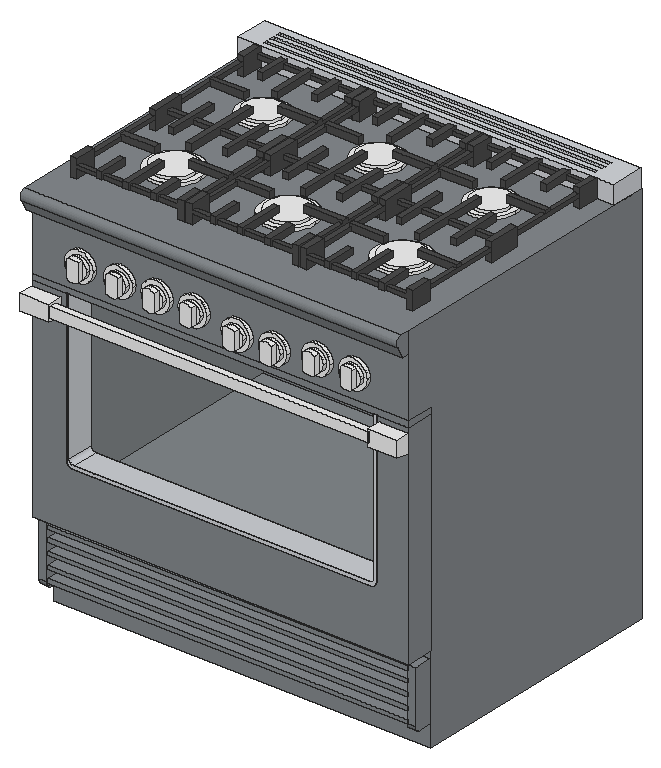
Revit family "DCS_SDA_Data_Sheet_RDV2-366_Range_ISSUE1 IMPERIAL", category Specialty Equipment, Revit 2015
Parameters
  URL = "www.yepsketch.com"
  Model = "DCS_SDA_Data_Sheet_RDV2-366_Range_ISSUE1"
  Manufacturer = "Fisher & Paykel"
  Description = "D20 20000"
  Author = "Yepsketch"
Reference planes (in)
  plane 1 "Center (Front/Back)": y = 0
  plane 2: z = 0
  plane 3 "Center (Left/Right)": x = 0
  plane 4: x = 35.875
  plane 5: y = 29.125
  plane 6: z = 36.75
  plane 7: z = 38.5
  plane 8: y = 1.4375
  plane 9: y = 4
Forms (in)
  Extrusion 1, solid, material "GRAY"
    sketch origin (0, 0, 0) x (1, 0, 0) y (0, 1, 0)
      loop
        line (0, 29.125) -> (0, 1.4375) -> (35.875, 1.4375) -> (35.875, 29.125) -> (0, 29.125)
    from 0 to 36.75
  Extrusion 2, solid
    sketch origin (0, 0, 0) x (1, 0, 0) y (0, 1, 0)
      loop
        line (0, 29.125) -> (0, 25.87294) -> (35.84315, 25.87294) -> (35.84315, 29.125) -> (0, 29.125)
      loop
        line (2.03748, 28.36534) -> (2.03748, 27.97289) -> (33.66746, 27.97289) -> (33.66746, 28.36534) -> (2.03748, 28.36534)
      loop
        line (2.03748, 27.61534) -> (2.03748, 27.22289) -> (33.66746, 27.22289) -> (33.66746, 27.61534) -> (2.03748, 27.61534)
      loop
        line (2.03748, 26.86534) -> (2.03748, 26.47289) -> (33.66746, 26.47289) -> (33.66746, 26.86534) -> (2.03748, 26.86534)
    from 36.75 to 38.5
  Extrusion 3, void
    sketch origin (0, 0, 0) x (0, 1, 0) y (0, 0, 1)
      loop
        line (4, 29.03722) -> (1.4375, 29.03722) -> (1.4375, 0) -> (4, 0) -> (4, 29.03722)
    from 0 to 35.875
  Extrusion 4, solid, material "GRAY"
    sketch origin (0, 0, 0) x (0, 1, 0) y (0, 0, 1)
      loop
        line (1.4375, 36.75) -> (0.57196, 36.75)
        arc (0.57196, 36.75) -> (0.07196, 36.43146) -> (0.14935, 35.84369) r 0.55169
        line (0.14935, 35.84369) -> (0.77435, 34.76116) -> (1.4375, 34.76116) -> (1.4375, 36.75)
    from 0 to 35.84315
  Extrusion 5, solid, material "GRAY"
    sketch origin (0, 0, 0) x (1, 0, 0) y (0, 0, 1)
      loop
        line (35.875, 8.2827) -> (35.875, 28.51116) -> (32.81066, 28.51116) -> (32.81066, 14.26116)
        arc (32.81066, 14.26116) -> (32.65533, 13.88616) -> (32.28033, 13.73083) r 0.53033
        line (32.28033, 13.73083) -> (3.78033, 13.73083)
        arc (3.78033, 13.73083) -> (3.40533, 13.88616) -> (3.25, 14.26116) r 0.53033
        line (3.25, 14.26116) -> (3.25, 28.51116) -> (0, 28.51116) -> (0, 8.2827) -> (35.875, 8.2827)
    from -4 to -1.4375
  Extrusion 6, solid, material "GRAY"
    sketch origin (0, 0, 0) x (1, 0, 0) y (0, 0, 1)
      loop
        line (0, 28.51116) -> (35.875, 28.51116) -> (35.875, 29.03722) -> (0, 29.03722) -> (0, 28.51116)
    from -4 to -1.4375
  Extrusion 7, void
    sketch origin (0, 0, 0) x (1, 0, 0) y (0, 0, 1)
      loop
        line (0.37154, 28.30471) -> (0.37154, 8.80471) -> (35.37154, 8.80471) -> (35.37154, 28.30471) -> (0.37154, 28.30471)
    from -28.48158 to 12
  Extrusion 8, solid
    sketch origin (0, 0, 0) x (1, 0, 0) y (0, 0, 1)
      loop
        arc (3.25, 14.26116) -> (3.40533, 13.88616) -> (3.78033, 13.73083) r 0.53033
        line (3.78033, 13.73083) -> (32.28033, 13.73083)
        arc (32.28033, 13.73083) -> (32.65533, 13.88616) -> (32.81066, 14.26116) r 0.53033
        line (32.81066, 14.26116) -> (32.81066, 28.51116) -> (32.56066, 28.51116) -> (32.56066, 14.38989)
        arc (32.56066, 14.38989) -> (32.45711, 14.13989) -> (32.20711, 14.03634) r 0.35355
        line (32.20711, 14.03634) -> (3.95711, 14.03634)
        arc (3.95711, 14.03634) -> (3.64197, 14.16687) -> (3.51143, 14.48201) r 0.44568
        line (3.51143, 14.48201) -> (3.51143, 28.51116) -> (3.25, 28.51116) -> (3.25, 14.26116)
    from -4 to -1.4375
  Extrusion 9, solid, material "GLASS BLACK"
    sketch origin (0, 0, 0) x (1, 0, 0) y (0, 0, 1)
      loop
        arc (32.20711, 14.03634) -> (32.45711, 14.13989) -> (32.56066, 14.38989) r 0.35355
        line (32.56066, 14.38989) -> (32.56066, 28.51116) -> (3.51143, 28.51116) -> (3.51143, 14.48201)
        arc (3.51143, 14.48201) -> (3.64197, 14.16687) -> (3.95711, 14.03634) r 0.44568
        line (3.95711, 14.03634) -> (32.20711, 14.03634)
    from -4 to -1.4375
  Extrusion 10, solid, material "ALUMINIUM"
    sketch origin (0, 0, 0) x (0, 1, 0) y (0, 0, 1)
      loop
        line (1.4375, 28.01116) -> (0, 28.01116) -> (0, 26.51116) -> (1.4375, 26.25769) -> (1.4375, 28.01116)
    from 0 to 2.75
  Extrusion 11, solid, material "ALUMINIUM"
    sketch origin (0, 0, 0) x (1, 0, 0) y (0, 0, 1)
      loop
        line (2.75, 27.86646) -> (2.75, 26.86646) -> (33.25, 26.86646) -> (33.25, 27.86646) -> (2.75, 27.86646)
    from -0.62806 to 0
  Extrusion 12, solid, material "ALUMINIUM"
    sketch origin (35.84315, 0, 0) x (0, 1, 0) y (0, 0, -1)
      loop
        line (1.4375, -28.01116) -> (1.4375, -26.25769) -> (0, -26.51116) -> (0, -28.01116) -> (1.4375, -28.01116)
    from 0 to 2.75
  Extrusion 13, solid, material "BLACK"
    sketch origin (0, 0, 0) x (1, 0, 0) y (0, 1, 0)
      loop
        line (1.61367, 25.87294) -> (1.61367, 23.87294) -> (2.20997, 23.87294) -> (2.20997, 25.87294) -> (1.61367, 25.87294)
      loop
        line (1.61367, 16.37294) -> (1.61367, 13.37294) -> (2.20997, 13.37294) -> (2.20997, 16.37294) -> (1.61367, 16.37294)
      loop
        line (1.61367, 5.98289) -> (1.61367, 3.98289) -> (2.20997, 3.98289) -> (2.20997, 5.98289) -> (1.61367, 5.98289)
      loop
        line (11.86367, 25.87294) -> (11.86367, 23.87294) -> (12.45997, 23.87294) -> (12.45997, 25.87294) -> (11.86367, 25.87294)
      loop
        line (11.86367, 16.37294) -> (11.86367, 13.37294) -> (12.45997, 13.37294) -> (12.45997, 16.37294) -> (11.86367, 16.37294)
      loop
        line (11.86367, 5.98289) -> (11.86367, 3.98289) -> (12.45997, 3.98289) -> (12.45997, 5.98289) -> (11.86367, 5.98289)
      loop
        line (12.61367, 25.87294) -> (12.61367, 23.87294) -> (13.20997, 23.87294) -> (13.20997, 25.87294) -> (12.61367, 25.87294)
      loop
        line (12.61367, 16.37294) -> (12.61367, 13.37294) -> (13.20997, 13.37294) -> (13.20997, 16.37294) -> (12.61367, 16.37294)
      loop
        line (12.61367, 5.98289) -> (12.61367, 3.98289) -> (13.20997, 3.98289) -> (13.20997, 5.98289) -> (12.61367, 5.98289)
      loop
        line (22.77874, 25.87294) -> (22.77874, 23.87294) -> (23.37503, 23.87294) -> (23.37503, 25.87294) -> (22.77874, 25.87294)
      loop
        line (22.77874, 16.37294) -> (22.77874, 13.37294) -> (23.37503, 13.37294) -> (23.37503, 16.37294) -> (22.77874, 16.37294)
      loop
        line (22.77874, 5.98289) -> (22.77874, 3.98289) -> (23.37503, 3.98289) -> (23.37503, 5.98289) -> (22.77874, 5.98289)
      loop
        line (23.52874, 25.87294) -> (23.52874, 23.87294) -> (24.12503, 23.87294) -> (24.12503, 25.87294) -> (23.52874, 25.87294)
      loop
        line (23.52874, 16.37294) -> (23.52874, 13.37294) -> (24.12503, 13.37294) -> (24.12503, 16.37294) -> (23.52874, 16.37294)
      loop
        line (23.52874, 5.98289) -> (23.52874, 3.98289) -> (24.12503, 3.98289) -> (24.12503, 5.98289) -> (23.52874, 5.98289)
      loop
        line (33.62641, 25.87294) -> (33.62641, 23.87294) -> (34.2227, 23.87294) -> (34.2227, 25.87294) -> (33.62641, 25.87294)
      loop
        line (33.62641, 16.37294) -> (33.62641, 13.37294) -> (34.2227, 13.37294) -> (34.2227, 16.37294) -> (33.62641, 16.37294)
      loop
        line (33.62641, 5.98289) -> (33.62641, 3.98289) -> (34.2227, 3.98289) -> (34.2227, 5.98289) -> (33.62641, 5.98289)
    from 36.75 to 38.5
  Extrusion 14, solid, material "GRAY"
    sketch origin (0, 0, 0) x (0, 1, 0) y (0, 0, 1)
      loop
        line (4, 7.65999) -> (2.25, 7.65999) -> (2.25, 2.6113)
        arc (2.25, 2.6113) -> (2.4463, 2.18181) -> (2.89952, 2.04919) r 0.568
        line (2.89952, 2.04919) -> (4, 2.04919) -> (4, 7.65999)
    from 0 to 0.75
  Extrusion 15, solid, material "GRAY"
    sketch origin (35.09315, 0, 0) x (0, 1, 0) y (0, 0, 1)
      loop
        line (4, 7.65999) -> (2.25, 7.65999) -> (2.25, 2.6113)
        arc (2.25, 2.6113) -> (2.4463, 2.18181) -> (2.89952, 2.04919) r 0.568
        line (2.89952, 2.04919) -> (4, 2.04919) -> (4, 7.65999)
    from 0 to 0.75
  Extrusion 16, solid, material "GRAY"
    sketch origin (0, 0, 0) x (1, 0, 0) y (0, 0, 1)
      loop
        line (0.75, 7.518) -> (0.75, 7.14909) -> (35.09315, 7.14909) -> (35.09315, 7.518) -> (0.75, 7.518)
      loop
        line (0.75, 6.44293) -> (0.75, 6.07402) -> (35.09315, 6.07402) -> (35.09315, 6.44293) -> (0.75, 6.44293)
      loop
        line (0.75, 5.2793) -> (0.75, 4.91039) -> (35.09315, 4.91039) -> (35.09315, 5.2793) -> (0.75, 5.2793)
      loop
        line (0.75, 4.09951) -> (0.75, 3.7306) -> (35.09315, 3.7306) -> (35.09315, 4.09951) -> (0.75, 4.09951)
      loop
        line (0.75, 2.96012) -> (0.75, 2.59121) -> (35.09315, 2.59121) -> (35.09315, 2.96012) -> (0.75, 2.96012)
    from -4 to -2.25
  Extrusion 17, solid, material "BLACK"
    sketch origin (0.0625, 0, 0) x (1, 0, 0) y (0, 0, 1)
      loop
        line (1.61367, 38.0032) -> (1.61367, 37.625) -> (2.03748, 37.625) -> (2.03748, 38.0032) -> (1.61367, 38.0032)
      loop
        line (11.86367, 38.0032) -> (11.86367, 37.625) -> (12.28748, 37.625) -> (12.28748, 38.0032) -> (11.86367, 38.0032)
      loop
        line (12.61367, 38.0032) -> (12.61367, 37.625) -> (13.03748, 37.625) -> (13.03748, 38.0032) -> (12.61367, 38.0032)
      loop
        line (22.77874, 38.0032) -> (22.77874, 37.625) -> (23.20255, 37.625) -> (23.20255, 38.0032) -> (22.77874, 38.0032)
      loop
        line (23.52874, 38.0032) -> (23.52874, 37.625) -> (23.95255, 37.625) -> (23.95255, 38.0032) -> (23.52874, 38.0032)
      loop
        line (33.66746, 38.0032) -> (33.66746, 37.625) -> (34.09127, 37.625) -> (34.09127, 38.0032) -> (33.66746, 38.0032)
    from -23.87294 to -5.98289
  Extrusion 18, solid, material "BLACK"
    sketch origin (0, 0, 0) x (0, 1, 0) y (0, 0, 1)
      loop
        line (4.4055, 38.0032) -> (3.98289, 38.0032) -> (3.98289, 37.622) -> (4.4055, 37.622) -> (4.4055, 38.0032)
      loop
        line (25.87294, 38.0032) -> (25.45033, 38.0032) -> (25.45033, 37.622) -> (25.87294, 37.622) -> (25.87294, 38.0032)
      loop
        line (15.13922, 38.0032) -> (14.71661, 38.0032) -> (14.71661, 37.622) -> (15.13922, 37.622) -> (15.13922, 38.0032)
    from 2.03748 to 12.45997
  Extrusion 19, solid, material "BLACK"
    sketch origin (0, 0, 0) x (1, 0, 0) y (0, 1, 0)
      loop
        line (4.15275, 25.87294) -> (4.15275, 23.12294) -> (4.65275, 23.12294) -> (4.65275, 25.87294) -> (4.15275, 25.87294)
      loop
        line (6.71286, 25.87294) -> (6.71286, 21.62294) -> (7.21286, 21.62294) -> (7.21286, 25.87294) -> (6.71286, 25.87294)
      loop
        line (9.30079, 25.87294) -> (9.30079, 23.12294) -> (9.88517, 23.12294) -> (9.88517, 25.87294) -> (9.30079, 25.87294)
      loop
        line (4.15275, 3.87294) -> (4.65275, 3.87294) -> (4.65275, 6.62294) -> (4.15275, 6.62294) -> (4.15275, 3.87294)
      loop
        line (6.71286, 3.87294) -> (7.21286, 3.87294) -> (7.21286, 8.12294) -> (6.71286, 8.12294) -> (6.71286, 3.87294)
      loop
        line (9.30079, 3.87294) -> (9.88517, 3.87294) -> (9.88517, 6.62294) -> (9.30079, 6.62294) -> (9.30079, 3.87294)
    from 37.625 to 38.25
  Extrusion 20, solid, material "BLACK"
    sketch origin (0, 0, 0) x (1, 0, 0) y (0, 1, 0)
      loop
        line (2.09998, 20.48121) -> (2.09998, 19.98121) -> (5.34998, 19.98121) -> (5.34998, 20.48121) -> (2.09998, 20.48121)
      loop
        line (12.34998, 20.48121) -> (8.58719, 20.48121) -> (8.58719, 19.98121) -> (12.34998, 19.98121) -> (12.34998, 20.48121)
      loop
        line (2.09998, 9.37462) -> (5.34998, 9.37462) -> (5.34998, 9.87462) -> (2.09998, 9.87462) -> (2.09998, 9.37462)
      loop
        line (12.34998, 9.37462) -> (12.34998, 9.87462) -> (8.58719, 9.87462) -> (8.58719, 9.37462) -> (12.34998, 9.37462)
      loop
        line (6.71286, 18.62294) -> (6.71286, 11.37294) -> (7.21286, 11.37294) -> (7.21286, 18.62294) -> (6.71286, 18.62294)
      loop
        line (9.29264, 17.24261) -> (9.29264, 12.49261) -> (9.79264, 12.49261) -> (9.79264, 17.24261) -> (9.29264, 17.24261)
      loop
        line (4.63308, 17.24261) -> (4.13308, 17.24261) -> (4.13308, 12.49261) -> (4.63308, 12.49261) -> (4.63308, 17.24261)
    from 37.625 to 38.25
  Extrusion 21, solid, material "BLACK"
    sketch origin (11, 0, 0) x (0, 1, 0) y (0, 0, 1)
      loop
        line (4.4055, 38.0032) -> (3.98289, 38.0032) -> (3.98289, 37.622) -> (4.4055, 37.622) -> (4.4055, 38.0032)
      loop
        line (25.87294, 38.0032) -> (25.45033, 38.0032) -> (25.45033, 37.622) -> (25.87294, 37.622) -> (25.87294, 38.0032)
      loop
        line (15.13922, 38.0032) -> (14.71661, 38.0032) -> (14.71661, 37.622) -> (15.13922, 37.622) -> (15.13922, 38.0032)
    from 2.03748 to 12.37503
  Extrusion 22, solid, material "BLACK"
    sketch origin (21.91506, 0, 0) x (0, 1, 0) y (0, 0, 1)
      loop
        line (4.4055, 38.0032) -> (3.98289, 38.0032) -> (3.98289, 37.622) -> (4.4055, 37.622) -> (4.4055, 38.0032)
      loop
        line (25.87294, 38.0032) -> (25.45033, 38.0032) -> (25.45033, 37.622) -> (25.87294, 37.622) -> (25.87294, 38.0032)
      loop
        line (15.13922, 38.0032) -> (14.71661, 38.0032) -> (14.71661, 37.622) -> (15.13922, 37.622) -> (15.13922, 38.0032)
    from 2.03748 to 12.30764
  Extrusion 23, solid, material "BLACK"
    sketch origin (10.91506, 0, 0) x (1, 0, 0) y (0, 1, 0)
      loop
        line (4.15275, 25.87294) -> (4.15275, 23.12294) -> (4.65275, 23.12294) -> (4.65275, 25.87294) -> (4.15275, 25.87294)
      loop
        line (6.71286, 25.87294) -> (6.71286, 21.62294) -> (7.21286, 21.62294) -> (7.21286, 25.87294) -> (6.71286, 25.87294)
      loop
        line (9.30079, 25.87294) -> (9.30079, 23.12294) -> (9.88517, 23.12294) -> (9.88517, 25.87294) -> (9.30079, 25.87294)
      loop
        line (4.15275, 3.87294) -> (4.65275, 3.87294) -> (4.65275, 6.62294) -> (4.15275, 6.62294) -> (4.15275, 3.87294)
      loop
        line (6.71286, 3.87294) -> (7.21286, 3.87294) -> (7.21286, 8.12294) -> (6.71286, 8.12294) -> (6.71286, 3.87294)
      loop
        line (9.30079, 3.87294) -> (9.88517, 3.87294) -> (9.88517, 6.62294) -> (9.30079, 6.62294) -> (9.30079, 3.87294)
    from 37.625 to 38.25
  Extrusion 24, solid, material "BLACK"
    sketch origin (10.91506, 0, 0) x (1, 0, 0) y (0, 1, 0)
      loop
        line (2.09998, 20.48121) -> (2.09998, 19.98121) -> (5.34998, 19.98121) -> (5.34998, 20.48121) -> (2.09998, 20.48121)
      loop
        line (12.34998, 20.48121) -> (8.58719, 20.48121) -> (8.58719, 19.98121) -> (12.34998, 19.98121) -> (12.34998, 20.48121)
      loop
        line (2.09998, 9.37462) -> (5.34998, 9.37462) -> (5.34998, 9.87462) -> (2.09998, 9.87462) -> (2.09998, 9.37462)
      loop
        line (12.34998, 9.37462) -> (12.34998, 9.87462) -> (8.58719, 9.87462) -> (8.58719, 9.37462) -> (12.34998, 9.37462)
      loop
        line (6.71286, 18.62294) -> (6.71286, 11.37294) -> (7.21286, 11.37294) -> (7.21286, 18.62294) -> (6.71286, 18.62294)
      loop
        line (9.29264, 17.24261) -> (9.29264, 12.49261) -> (9.79264, 12.49261) -> (9.79264, 17.24261) -> (9.29264, 17.24261)
      loop
        line (4.63308, 17.24261) -> (4.13308, 17.24261) -> (4.13308, 12.49261) -> (4.63308, 12.49261) -> (4.63308, 17.24261)
    from 37.625 to 38.25
  Extrusion 25, solid, material "BLACK"
    sketch origin (21.76274, 0, 0) x (1, 0, 0) y (0, 1, 0)
      loop
        line (4.15275, 25.87294) -> (4.15275, 23.12294) -> (4.65275, 23.12294) -> (4.65275, 25.87294) -> (4.15275, 25.87294)
      loop
        line (6.71286, 25.87294) -> (6.71286, 21.62294) -> (7.21286, 21.62294) -> (7.21286, 25.87294) -> (6.71286, 25.87294)
      loop
        line (9.30079, 25.87294) -> (9.30079, 23.12294) -> (9.88517, 23.12294) -> (9.88517, 25.87294) -> (9.30079, 25.87294)
      loop
        line (4.15275, 3.87294) -> (4.65275, 3.87294) -> (4.65275, 6.62294) -> (4.15275, 6.62294) -> (4.15275, 3.87294)
      loop
        line (6.71286, 3.87294) -> (7.21286, 3.87294) -> (7.21286, 8.12294) -> (6.71286, 8.12294) -> (6.71286, 3.87294)
      loop
        line (9.30079, 3.87294) -> (9.88517, 3.87294) -> (9.88517, 6.62294) -> (9.30079, 6.62294) -> (9.30079, 3.87294)
    from 37.625 to 38.25
  Extrusion 26, solid, material "BLACK"
    sketch origin (21.76274, 0, 0) x (1, 0, 0) y (0, 1, 0)
      loop
        line (2.09998, 20.48121) -> (2.09998, 19.98121) -> (5.34998, 19.98121) -> (5.34998, 20.48121) -> (2.09998, 20.48121)
      loop
        line (12.34998, 20.48121) -> (8.58719, 20.48121) -> (8.58719, 19.98121) -> (12.34998, 19.98121) -> (12.34998, 20.48121)
      loop
        line (2.09998, 9.37462) -> (5.34998, 9.37462) -> (5.34998, 9.87462) -> (2.09998, 9.87462) -> (2.09998, 9.37462)
      loop
        line (12.34998, 9.37462) -> (12.34998, 9.87462) -> (8.58719, 9.87462) -> (8.58719, 9.37462) -> (12.34998, 9.37462)
      loop
        line (6.71286, 18.62294) -> (6.71286, 11.37294) -> (7.21286, 11.37294) -> (7.21286, 18.62294) -> (6.71286, 18.62294)
      loop
        line (9.29264, 17.24261) -> (9.29264, 12.49261) -> (9.79264, 12.49261) -> (9.79264, 17.24261) -> (9.29264, 17.24261)
      loop
        line (4.63308, 17.24261) -> (4.13308, 17.24261) -> (4.13308, 12.49261) -> (4.63308, 12.49261) -> (4.63308, 17.24261)
    from 37.625 to 38.25
  Extrusion 27, solid, material "ALUMINIUM"
    sketch origin (0, 0, 0) x (1, 0, 0) y (0, 1, 0)
      loop
        circle (6.96859, 20.23121) r 2.25
    from 36.75 to 37
  Extrusion 28, solid, material "ALUMINIUM"
    sketch origin (0, 0, 0) x (1, 0, 0) y (0, 1, 0)
      loop
        circle (6.96859, 20.23121) r 1.75
    from 37 to 37.25
  Extrusion 29, solid, material "ALUMINIUM"
    sketch origin (0, -10.60659, 0) x (1, 0, 0) y (0, 1, 0)
      loop
        circle (6.96859, 20.23121) r 2.5
    from 36.75 to 37
  Extrusion 30, solid, material "ALUMINIUM"
    sketch origin (0, -10.60659, 0) x (1, 0, 0) y (0, 1, 0)
      loop
        circle (6.96859, 20.23121) r 2
    from 37 to 37.25
  Extrusion 31, solid, material "ALUMINIUM"
    sketch origin (10.91506, 0, 0) x (1, 0, 0) y (0, 1, 0)
      loop
        circle (6.96859, 20.23121) r 2.25
    from 36.75 to 37
  Extrusion 32, solid, material "ALUMINIUM"
    sketch origin (10.91506, 0, 0) x (1, 0, 0) y (0, 1, 0)
      loop
        circle (6.96859, 20.23121) r 1.75
    from 37 to 37.25
  Extrusion 33, solid, material "ALUMINIUM"
    sketch origin (10.91506, -10.60659, 0) x (1, 0, 0) y (0, 1, 0)
      loop
        circle (6.96859, 20.23121) r 2.5
    from 36.75 to 37
  Extrusion 34, solid, material "ALUMINIUM"
    sketch origin (10.91506, -10.60659, 0) x (1, 0, 0) y (0, 1, 0)
      loop
        circle (6.96859, 20.23121) r 2
    from 37 to 37.25
  Extrusion 35, solid, material "ALUMINIUM"
    sketch origin (21.76274, 0, 0) x (1, 0, 0) y (0, 1, 0)
      loop
        circle (6.96859, 20.23121) r 2.25
    from 36.75 to 37
  Extrusion 36, solid, material "ALUMINIUM"
    sketch origin (21.76274, 0, 0) x (1, 0, 0) y (0, 1, 0)
      loop
        circle (6.96859, 20.23121) r 1.75
    from 37 to 37.25
  Extrusion 37, solid, material "ALUMINIUM"
    sketch origin (21.76274, -10.60659, 0) x (1, 0, 0) y (0, 1, 0)
      loop
        circle (6.96859, 20.23121) r 2.5
    from 36.75 to 37
  Extrusion 38, solid, material "ALUMINIUM"
    sketch origin (21.76274, -10.60659, 0) x (1, 0, 0) y (0, 1, 0)
      loop
        circle (6.96859, 20.23121) r 2
    from 37 to 37.25
  Extrusion 39, solid, material "ALUMINIUM"
    sketch origin (0, 0, 0) x (1, 0, 0) y (0, 0, 1)
      loop
        circle (4.71687, 31.42395) r 1.37795
    from -1.4375 to -1.1026
  Extrusion 40, solid, material "ALUMINIUM"
    sketch origin (0, 0, 0) x (1, 0, 0) y (0, 0, 1)
      loop
        circle (4.71687, 31.42395) r 0.98425
    from -1.1026 to -0.7874
  Extrusion 41, solid, material "ALUMINIUM"
    sketch origin (0, 0, 0) x (1, 0, 0) y (0, 0, 1)
      loop
        line (4.15069, 32.22905) -> (4.15069, 30.61885)
        arc (4.15069, 30.61885) -> (4.71687, 30.4397) -> (5.28305, 30.61885) r 0.98425
        line (5.28305, 30.61885) -> (5.28305, 32.22905)
        arc (5.28305, 32.22905) -> (4.71687, 32.4082) -> (4.15069, 32.22905) r 0.98425
    from -0.7874 to -0.31182
  Extrusion 42, solid, material "ALUMINIUM"
    sketch origin (3.74016, 0, 0) x (1, 0, 0) y (0, 0, 1)
      loop
        circle (4.71687, 31.42395) r 1.37795
    from -1.4375 to -1.1026
  Extrusion 43, solid, material "ALUMINIUM"
    sketch origin (3.74016, 0, 0) x (1, 0, 0) y (0, 0, 1)
      loop
        circle (4.71687, 31.42395) r 0.98425
    from -1.1026 to -0.7874
  Extrusion 44, solid, material "ALUMINIUM"
    sketch origin (3.74016, 0, 0) x (1, 0, 0) y (0, 0, 1)
      loop
        line (4.15069, 32.22905) -> (4.15069, 30.61885)
        arc (4.15069, 30.61885) -> (4.71687, 30.4397) -> (5.28305, 30.61885) r 0.98425
        line (5.28305, 30.61885) -> (5.28305, 32.22905)
        arc (5.28305, 32.22905) -> (4.71687, 32.4082) -> (4.15069, 32.22905) r 0.98425
    from -0.7874 to -0.31182
  Extrusion 45, solid, material "ALUMINIUM"
    sketch origin (7.28346, 0, 0) x (1, 0, 0) y (0, 0, 1)
      loop
        circle (4.71687, 31.42395) r 1.37795
    from -1.4375 to -1.1026
  Extrusion 46, solid, material "ALUMINIUM"
    sketch origin (7.28346, 0, 0) x (1, 0, 0) y (0, 0, 1)
      loop
        circle (4.71687, 31.42395) r 0.98425
    from -1.1026 to -0.7874
  Extrusion 47, solid, material "ALUMINIUM"
    sketch origin (7.28346, 0, 0) x (1, 0, 0) y (0, 0, 1)
      loop
        line (4.15069, 32.22905) -> (4.15069, 30.61885)
        arc (4.15069, 30.61885) -> (4.71687, 30.4397) -> (5.28305, 30.61885) r 0.98425
        line (5.28305, 30.61885) -> (5.28305, 32.22905)
        arc (5.28305, 32.22905) -> (4.71687, 32.4082) -> (4.15069, 32.22905) r 0.98425
    from -0.7874 to -0.31182
  Extrusion 48, solid, material "ALUMINIUM"
    sketch origin (10.82677, 0, 0) x (1, 0, 0) y (0, 0, 1)
      loop
        circle (4.71687, 31.42395) r 1.37795
    from -1.4375 to -1.1026
  Extrusion 49, solid, material "ALUMINIUM"
    sketch origin (10.82677, 0, 0) x (1, 0, 0) y (0, 0, 1)
      loop
        circle (4.71687, 31.42395) r 0.98425
    from -1.1026 to -0.7874
  Extrusion 50, solid, material "ALUMINIUM"
    sketch origin (10.82677, 0, 0) x (1, 0, 0) y (0, 0, 1)
      loop
        line (4.15069, 32.22905) -> (4.15069, 30.61885)
        arc (4.15069, 30.61885) -> (4.71687, 30.4397) -> (5.28305, 30.61885) r 0.98425
        line (5.28305, 30.61885) -> (5.28305, 32.22905)
        arc (5.28305, 32.22905) -> (4.71687, 32.4082) -> (4.15069, 32.22905) r 0.98425
    from -0.7874 to -0.31182
  Extrusion 51, solid, material "ALUMINIUM"
    sketch origin (14.9204, 0, -0.57532) x (1, 0, 0) y (0, 0, 1)
      loop
        circle (4.71687, 31.42395) r 1.37795
    from -1.4375 to -1.1026
  Extrusion 52, solid, material "ALUMINIUM"
    sketch origin (14.9204, 0, -0.57532) x (1, 0, 0) y (0, 0, 1)
      loop
        circle (4.71687, 31.42395) r 0.98425
    from -1.1026 to -0.7874
  Extrusion 53, solid, material "ALUMINIUM"
    sketch origin (14.9204, 0, -0.57532) x (1, 0, 0) y (0, 0, 1)
      loop
        line (4.15069, 32.22905) -> (4.15069, 30.61885)
        arc (4.15069, 30.61885) -> (4.71687, 30.4397) -> (5.28305, 30.61885) r 0.98425
        line (5.28305, 30.61885) -> (5.28305, 32.22905)
        arc (5.28305, 32.22905) -> (4.71687, 32.4082) -> (4.15069, 32.22905) r 0.98425
    from -0.7874 to -0.31182
  Extrusion 54, solid, material "ALUMINIUM"
    sketch origin (18.46371, 0, -0.57532) x (1, 0, 0) y (0, 0, 1)
      loop
        circle (4.71687, 31.42395) r 1.37795
    from -1.4375 to -1.1026
  Extrusion 55, solid, material "ALUMINIUM"
    sketch origin (18.46371, 0, -0.57532) x (1, 0, 0) y (0, 0, 1)
      loop
        circle (4.71687, 31.42395) r 0.98425
    from -1.1026 to -0.7874
  Extrusion 56, solid, material "ALUMINIUM"
    sketch origin (18.46371, 0, -0.57532) x (1, 0, 0) y (0, 0, 1)
      loop
        line (4.15069, 32.22905) -> (4.15069, 30.61885)
        arc (4.15069, 30.61885) -> (4.71687, 30.4397) -> (5.28305, 30.61885) r 0.98425
        line (5.28305, 30.61885) -> (5.28305, 32.22905)
        arc (5.28305, 32.22905) -> (4.71687, 32.4082) -> (4.15069, 32.22905) r 0.98425
    from -0.7874 to -0.31182
  Extrusion 57, solid, material "ALUMINIUM"
    sketch origin (22.55733, 0, 0) x (1, 0, 0) y (0, 0, 1)
      loop
        circle (4.71687, 31.42395) r 1.37795
    from -1.4375 to -1.1026
  Extrusion 58, solid, material "ALUMINIUM"
    sketch origin (22.55733, 0, 0) x (1, 0, 0) y (0, 0, 1)
      loop
        circle (4.71687, 31.42395) r 0.98425
    from -1.1026 to -0.7874
  Extrusion 59, solid, material "ALUMINIUM"
    sketch origin (22.55733, 0, 0) x (1, 0, 0) y (0, 0, 1)
      loop
        line (4.15069, 32.22905) -> (4.15069, 30.61885)
        arc (4.15069, 30.61885) -> (4.71687, 30.4397) -> (5.28305, 30.61885) r 0.98425
        line (5.28305, 30.61885) -> (5.28305, 32.22905)
        arc (5.28305, 32.22905) -> (4.71687, 32.4082) -> (4.15069, 32.22905) r 0.98425
    from -0.7874 to -0.31182
  Extrusion 60, solid, material "ALUMINIUM"
    sketch origin (26.10064, 0, 0) x (1, 0, 0) y (0, 0, 1)
      loop
        circle (4.71687, 31.42395) r 1.37795
    from -1.4375 to -1.1026
  Extrusion 61, solid, material "ALUMINIUM"
    sketch origin (26.10064, 0, 0) x (1, 0, 0) y (0, 0, 1)
      loop
        circle (4.71687, 31.42395) r 0.98425
    from -1.1026 to -0.7874
  Extrusion 62, solid, material "ALUMINIUM"
    sketch origin (26.10064, 0, 0) x (1, 0, 0) y (0, 0, 1)
      loop
        line (4.15069, 32.22905) -> (4.15069, 30.61885)
        arc (4.15069, 30.61885) -> (4.71687, 30.4397) -> (5.28305, 30.61885) r 0.98425
        line (5.28305, 30.61885) -> (5.28305, 32.22905)
        arc (5.28305, 32.22905) -> (4.71687, 32.4082) -> (4.15069, 32.22905) r 0.98425
    from -0.7874 to -0.31182
Cuts and joins
  Extrusion 3, Extrusion 7 cuts Extrusion 1
  joined: Extrusion 1, Extrusion 4
  joined: Extrusion 13, Extrusion 17, Extrusion 18, Extrusion 19, Extrusion 20, Extrusion 21, Extrusion 22, Extrusion 23, Extrusion 24, Extrusion 25, Extrusion 26
  joined: Extrusion 27, Extrusion 28, Extrusion 29, Extrusion 30, Extrusion 31, Extrusion 32, Extrusion 33, Extrusion 34, Extrusion 35, Extrusion 36, Extrusion 37, Extrusion 38
Dimensions and locks (in)
  aligned and locked: level to plane 2
